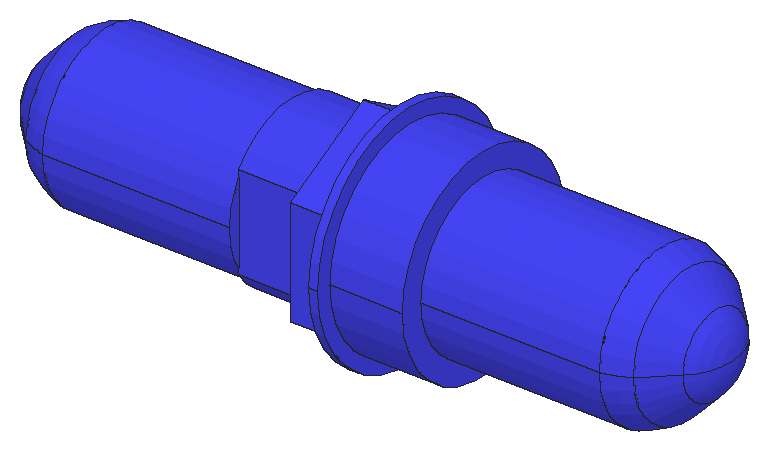
Revit family "ITK Проходной адаптер ST-ST_SM-MM_UPC_Simplex", category Обобщенные модели, Revit 2019
Family settings
  Может служить основой для арматурных стержней = Нет
  Размер круглого соединителя = Использовать диаметр
  Тип детали = Нормальный
  На основе рабочей плоскости = Нет
  Всегда вертикально = Да
  При загрузке вырезать с полостями = Нет
  Общий = Нет
  Точка расчета площади = Нет
Parameters (values of type "FC1-STUSTU1C-SM")
  Ширина = 38 mm
  Степень защиты = ""
  Материал = Пластик желтый
  Изготовитель = "ITK"  # constant formula
  Дата изменения = ""
  URL = "https://www.iek.ru/"
  KSI_CPr_Строительные изделия = "61.1.03.04"  # constant formula
  KSI_CMa_Строительные материалы = "10.1.01.01"  # constant formula
  IEK_Цена за единицу = 33.67
  IEK_Поиск в таблице имен = ""
  IEK_Описание = "Качественное, надежное соединение для передачи сигнала.\r\nБольшой ресурс включений - 500.\r\nВысококачественный материал продукции.\r\nБольшой диапазон температур от -40°C до +75°C."
  IEK_URL = "https://www.itk-group.ru/produktsiya/catalog/oborudovanie_telekommunikatsionnoe/komponenty_sks_opticheskie/komponenty_sks_opticheskie/opticheskie_adaptery/itk_prokhodnoy_adapter_st_st_sm_mm_upc_simplex"
  ADSK_Примечание = ""
  ADSK_Позиция [instance] = ""
  ADSK_Наименование = "ITK Проходной адаптер ST-ST, (SM/MM), UPC, (Simplex)"
  ADSK_Материал обозначение = ""
  ADSK_Материал наименование = "Металл"  # constant formula
  ADSK_Масса = 0
  ADSK_Марка = ""  # constant formula
  ADSK_Код изделия = "FC1-STUSTU1C-SM"
  ADSK_Завод-изготовитель = "IEK"  # constant formula
  ADSK_Единица измерения = "шт"  # constant formula
  ADSK_Группирование = "I. ЩИТЫ И ПУЛЬТЫ"  # constant formula
  ADSK_Версия семейства = "1.0"  # constant formula
  ADSK_Версия Revit = "2019"  # constant formula
  ADSK_URL страницы изделия = "https://www.itk-group.ru/produktsiya/catalog/oborudovanie_telekommunikatsionnoe/komponenty_sks_opticheskie/komponenty_sks_opticheskie/opticheskie_adaptery/"
Reference planes
  plane 1 "По центру (Вперед/Назад)": y = 0
  plane 2: z = 0
  plane 3 "По центру (Влево/Вправо)": x = 0
  plane 4: z = 6.25
  plane 5: x = -22.414
  plane 6: x = 15.586
Forms (mm)
  Extrusion 1, solid, material "Пластик желтый", detail levels fine
    sketch origin (0, 0, 0) x (0, 1, 0) y (0, 0, 1)
      loop
        circle (0, 6.25) r 4.307
    from -8.4 to -23.917
  Revolve 2, void
    sketch origin (0, 0, 6.25) x (1, 0, 0) y (0, 1, 0)
      loop
        arc (-22.386, 0) -> (-22.172, 1.198) -> (-21.494, 2.208) r 2.959
        line (-21.494, 2.208) -> (-19.981, 3.721)
        arc (-19.981, 3.721) -> (-18.342, 4.377) -> (-16.584, 4.544) r 6.196
        line (-16.584, 4.544) -> (-16.696, 10.994) -> (-18.572, 10.994) -> (-30.38, 10.994) -> (-30.38, 0) -> (-22.386, 0)
      axis (-16.584, 0) -> (-30.38, 0)
    angle from 0 to 360
  Extrusion 3, solid, material "Пластик желтый", detail levels fine
    sketch origin (-6.4, 0, 0) x (0, 1, 0) y (0, 0, -1)
      loop
        circle (0, -6.25) r 4.307
    from -8.4 to -23.917
  Revolve 4, void
    sketch origin (-6.4, 0, 6.25) x (-1, 0, 0) y (0, -1, 0)
      loop
        line (-21.984, 0) -> (-29.978, 0) -> (-29.978, -10.994) -> (-18.17, -10.994) -> (-16.294, -10.994) -> (-16.182, -4.544)
        arc (-16.182, -4.544) -> (-17.94, -4.377) -> (-19.579, -3.721) r 6.196
        line (-19.579, -3.721) -> (-21.092, -2.208)
        arc (-21.092, -2.208) -> (-21.77, -1.198) -> (-21.984, 0) r 2.959
      axis (-16.182, 0) -> (-29.978, 0)
    angle from 0 to 360
  Extrusion 5, solid, material "Металл", detail levels fine
    sketch origin (0, 0, 0) x (0, 1, 0) y (0, 0, 1)
      loop
        line (5, 9.137) -> (0, 12.024) -> (-5, 9.137) -> (-5, 3.363) -> (0, 0.476) -> (5, 3.363) -> (5, 9.137)
    from -2.5 to -4.5
  Extrusion 6, solid, material "Металл", detail levels fine
    sketch origin (0, 0, 0) x (0, 1, 0) y (0, 0, 1)
      loop
        arc (3.7, 8.811) -> (0, 10.75) -> (-3.7, 8.811) r 4.5
        line (-3.7, 8.811) -> (-3.7, 3.689)
        arc (-3.7, 3.689) -> (0, 1.75) -> (3.7, 3.689) r 4.5
        line (3.7, 3.689) -> (3.7, 8.811)
    from -8.4 to -4.5
  Extrusion 7, solid, material "Металл", detail levels fine
    sketch origin (0, 0, 0) x (0, 1, 0) y (0, 0, 1)
      loop
        circle (0, 6.25) r 6.274
    from -2 to -2.5
  Extrusion 8, solid, material "Металл", detail levels fine
    sketch origin (0, 0, 0) x (0, 1, 0) y (0, 0, 1)
      loop
        circle (0, 6.25) r 5.51
    from -2.5 to 2
  Extrusion 9, solid, material "Условный материал-отделка", detail levels coarse+medium
    sketch origin (0, 0, 0) x (0, 1, 0) y (0, 0, 1)
      loop
        circle (0, 6.25) r 6.274
    from -22.414 to 15.586
Cuts and joins
  Revolve 2, Revolve 4 cuts Extrusion 1
  Revolve 4 cuts Extrusion 3
Dimensions and locks
  "Ширина": plane 5 to plane 6
  aligned and locked: level to plane 2
  aligned and locked: Extrusion 9 to plane 5
  aligned and locked: plane 6 to Extrusion 9
Automatic sketch dimensions
  Extrusion 1 sketch curve to plane 1 "По центру (Вперед/Назад)" = 0 mm
  plane 4 to Extrusion 1 sketch curve = 0 mm
  Revolve 2 sketch curve to plane 1 "По центру (Вперед/Назад)" = 0 mm
  plane 1 "По центру (Вперед/Назад)" to Revolve 2 sketch curve = 0 mm
  Revolve 2 sketch curve to plane 5 = 7.966 mm
  plane 5 to Revolve 2 sketch curve = 0.028 mm
  plane 5 to Revolve 2 sketch curve = 0.92 mm
  Revolve 2 sketch curve to Revolve 2 sketch curve = 1.513 mm  (x2)
  Revolve 2 sketch curve to plane 1 "По центру (Вперед/Назад)" = 0.089 mm
  Revolve 2 sketch curve to Revolve 2 sketch curve = 2.066 mm
  plane 5 to Revolve 2 sketch curve = 3.842 mm
  Revolve 2 sketch curve to Revolve 2 sketch curve = 2.545 mm
  Revolve 2 sketch curve to Revolve 2 sketch curve = 1.875 mm
  Revolve 2 sketch curve to Revolve 2 sketch curve = 3.397 mm
  plane 1 "По центру (Вперед/Назад)" to Revolve 2 sketch curve = 1.644 mm
  Revolve 2 sketch curve to Revolve 2 sketch curve = 6.45 mm
  Revolve 2 sketch curve to Revolve 2 sketch curve = 1969.62 mm
  plane 6 to Revolve 2 sketch curve = 1984.012 mm
  Extrusion 3 sketch curve to plane 1 "По центру (Вперед/Назад)" = 0 mm
  plane 4 to Extrusion 3 sketch curve = 0 mm
  plane 1 "По центру (Вперед/Назад)" to Revolve 4 sketch curve = 0 mm  (x2)
  plane 6 to Revolve 4 sketch curve = 7.992 mm
  Revolve 4 sketch curve to plane 6 = 0.003 mm
  Revolve 4 sketch curve to plane 6 = 0.895 mm
  Revolve 4 sketch curve to Revolve 4 sketch curve = 1.513 mm  (x2)
  Revolve 4 sketch curve to plane 1 "По центру (Вперед/Назад)" = 0.089 mm
  Revolve 4 sketch curve to Revolve 4 sketch curve = 2.958 mm
  Revolve 4 sketch curve to plane 6 = 3.817 mm
  Revolve 4 sketch curve to Revolve 4 sketch curve = 2.545 mm
  Revolve 4 sketch curve to Revolve 4 sketch curve = 1.875 mm
  Revolve 4 sketch curve to Revolve 4 sketch curve = 3.397 mm
  Revolve 4 sketch curve to Revolve 4 sketch curve = 0.823 mm
  Revolve 4 sketch curve to plane 1 "По центру (Вперед/Назад)" = 10.994 mm
  Revolve 4 sketch curve to Revolve 4 sketch curve = 1969.62 mm
  Revolve 4 sketch curve to plane 5 = 1983.986 mm
  Extrusion 5 sketch curve to plane 1 "По центру (Вперед/Назад)" = 0 mm  (x2)
  plane 1 "По центру (Вперед/Назад)" to Extrusion 5 sketch curve = 5 mm
  Extrusion 5 sketch curve to plane 1 "По центру (Вперед/Назад)" = 5 mm
  level to Extrusion 5 sketch curve = 0.476 mm
  plane 4 to Extrusion 5 sketch curve = 2.887 mm  (x2)
  Extrusion 5 sketch curve to plane 4 = 2.887 mm  (x2)
  Extrusion 5 sketch curve to plane 4 = 5.774 mm
  Extrusion 6 sketch curve to Extrusion 6 sketch curve = 0 mm  (x2)
  Extrusion 6 sketch curve to plane 1 "По центру (Вперед/Назад)" = 0 mm
  plane 4 to Extrusion 6 sketch curve = 0 mm
  plane 1 "По центру (Вперед/Назад)" to Extrusion 6 sketch curve = 3.7 mm
  Extrusion 6 sketch curve to plane 1 "По центру (Вперед/Назад)" = 3.7 mm
  plane 4 to Extrusion 6 sketch curve = 2.561 mm
  Extrusion 6 sketch curve to plane 4 = 2.561 mm
  Extrusion 7 sketch curve to plane 1 "По центру (Вперед/Назад)" = 0 mm
  plane 4 to Extrusion 7 sketch curve = 0 mm
  Extrusion 8 sketch curve to plane 1 "По центру (Вперед/Назад)" = 0 mm
  plane 4 to Extrusion 8 sketch curve = 0 mm
  Extrusion 9 sketch curve to plane 1 "По центру (Вперед/Назад)" = 0 mm
  plane 4 to Extrusion 9 sketch curve = 0 mm
  radius of Extrusion 1 sketch curve = 4.307 mm
  radius of Extrusion 3 sketch curve = 4.307 mm
  radius of Extrusion 7 sketch curve = 6.274 mm
  radius of Extrusion 8 sketch curve = 5.51 mm
  radius of Extrusion 9 sketch curve = 6.274 mm
